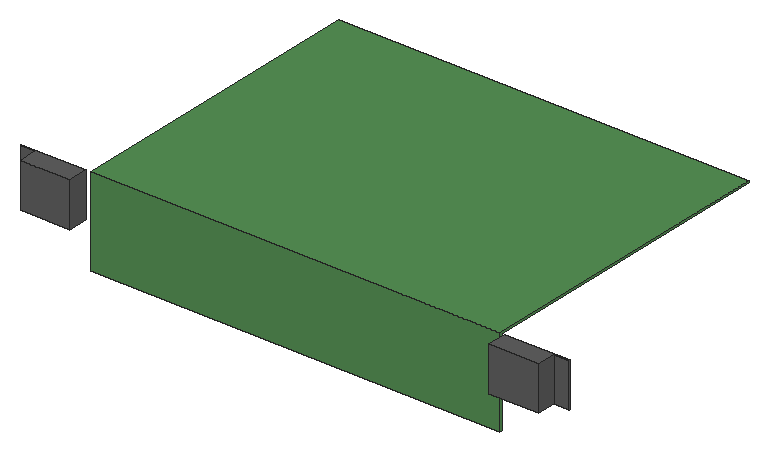
Revit family "HK", category Specialty Equipment, host Floor, Revit 2015
Parameters (values of type "7x6")
  URL = "http://kelleyentrematic.com/"
  Model = "HK"
  Manufacturer = "Kelley Entrematic"
  Description = "Hydraulic Leveler"
  LipExtension = 0' - 0"
  PitWidth = 7' - 1"
  PitLength = 5' - 3"
  PitDepthR = PitDepth - 0' 0 1/2"  # 1' - 7 1/2"
  PitDepth = 1' - 8"
  LipLength = 1' - 6"
  Curb = 0' - 3"
  Capacity = "30-50K"
Types (24): name | LipExtension | PitWidth | PitLength | PitDepthR | PitDepth
  6x6 | 0' - 0" | 6' - 2" | 5' - 3" | 1' - 7 1/2" | 1' - 8"
  6x8 | 0' - 0" | 6' - 2" | 7' - 3" | 1' - 7 1/2" | 1' - 8"
  6.5x6 | 0' - 0" | 6' - 8" | 5' - 3" | 1' - 7 1/2" | 1' - 8"
  6.5x8 | 0' - 0" | 6' - 8" | 7' - 3" | 1' - 7 1/2" | 1' - 8"
  7x6 | 0' - 0" | 7' - 1" | 5' - 3" | 1' - 7 1/2" | 1' - 8"
  7x8 | 0' - 0" | 7' - 1" | 7' - 3" | 1' - 7 1/2" | 1' - 8"
  6x10 | 0' - 0" | 6' - 2" | 9' - 3" | 1' - 11 1/2" | 2' - 0"
  6.5x10 | 0' - 0" | 6' - 8" | 9' - 3" | 1' - 11 1/2" | 2' - 0"
  7x10 | 0' - 0" | 7' - 1" | 9' - 3" | 1' - 11 1/2" | 2' - 0"
  6x6 Barrier Lip | 0' - 5" | 6' - 2" | 5' - 3" | 1' - 7 1/2" | 1' - 8"
  6x8 Barrier Lip | 0' - 5" | 6' - 2" | 7' - 3" | 1' - 7 1/2" | 1' - 8"
  6x10 Barrier Lip | 0' - 5" | 6' - 2" | 9' - 3" | 1' - 11 1/2" | 2' - 0"
  7x10 Barrier Lip | 0' - 5" | 7' - 1" | 9' - 3" | 1' - 11 1/2" | 2' - 0"
  7x6 Barrier Lip | 0' - 5" | 7' - 1" | 5' - 3" | 1' - 7 1/2" | 1' - 8"
  7x8 Barrier Lip | 0' - 5" | 7' - 1" | 7' - 3" | 1' - 7 1/2" | 1' - 8"
  6.5x10 Barrier Lip | 0' - 5" | 6' - 8" | 9' - 3" | 1' - 11 1/2" | 2' - 0"
  6.5x6 Barrier Lip | 0' - 5" | 6' - 8" | 5' - 3" | 1' - 7 1/2" | 1' - 8"
  6.5x8 Barrier Lip | 0' - 5" | 6' - 8" | 7' - 3" | 1' - 7 1/2" | 1' - 8"
  6.5x12 | 0' - 0" | 6' - 8" | 11' - 3" | 1' - 11 1/2" | 2' - 0"
  6.5x12 Barrier Lip | 0' - 5" | 6' - 8" | 11' - 3" | 1' - 11 1/2" | 2' - 0"
  6x12 | 0' - 0" | 6' - 2" | 11' - 3" | 1' - 11 1/2" | 2' - 0"
  6x12 Barrier Lip | 0' - 5" | 6' - 2" | 11' - 3" | 1' - 11 1/2" | 2' - 0"
  7x12 | 0' - 0" | 7' - 1" | 11' - 3" | 1' - 11 1/2" | 2' - 0"
  7x12 Barrier Lip | 0' - 5" | 7' - 1" | 11' - 3" | 1' - 11 1/2" | 2' - 0"
Reference planes (in)
  plane 1 "Center (Front/Back)": y = 0
  plane 2: z = 0
  plane 3 "Center (Left/Right)": x = 0
  plane 4 "Lip Width": y = -59.5
  plane 5 "pit right": x = 42.5
  plane 6 "Pit left": x = -42.5
  plane 7 "pit rear": y = 3
  plane 8 "curb angle left": x = -45.5
  plane 9: x = -41.5
  plane 10 "curb angle right": x = 45.5
  plane 11: x = 41.5
  plane 12 "curb angle rear": y = 6
  plane 13 "Curb angle - Front": y = -57
  plane 14 "Edge of Dock": y = -60
  plane 15: z = -0.5
  plane 16: z = -19.5
  plane 17: z = -20
  plane 18: y = -9
  plane 19: y = -48
  plane 20 "Lip Length": z = -18
  plane 21: x = 63.5
  plane 22: x = -63.5
  plane 23: z = -3
  plane 24: z = -23
  plane 25: z = 0
  plane 26: z = 0
  plane 27: y = -60.25
  plane 28: y = -64
  plane 29: x = -52.625
  plane 30: x = -55.625
  plane 31: x = 52.625
  plane 32: x = 55.625
  plane 33: z = -9
Forms (in)
  Extrusion 1, void
    sketch origin (0, 0, 0) x (0, 1, 0) y (0, 0, 1)
      loop
        line (3, 0) -> (-60, 0) -> (-60, -20) -> (-48, -20) -> (-9, -19.5) -> (3, -19.5) -> (3, 0)
    from -42.5 to 42.5
  Extrusion 2, solid, material "Kelly Diamond"
    sketch origin (0, 0, 0) x (1, 0, 0) y (0, 1, 0)
      loop
        line (-41.5, 3) -> (-41.5, -60) -> (41.5, -60) -> (41.5, 3) -> (-41.5, 3)
    from -0.5 to 0
  Extrusion 3, solid, material "Kelly Diamond"
    sketch origin (0, 0, 0) x (1, 0, 0) y (0, 0, 1)
      loop
        line (-41.5, 0) -> (-41.5, -18) -> (41.5, -18) -> (41.5, 0) -> (-41.5, 0)
    from 59.5 to 60
  Extrusion 4, solid, material "BUMPER"
    sketch origin (0, 0, 0) x (-1, 0, 0) y (0, -1, 0)
      loop
        line (42.5, 60) -> (55.625, 60) -> (55.625, 60.25) -> (52.625, 60.25) -> (52.625, 64) -> (42.5, 64) -> (42.5, 60)
      loop
        line (-42.5, 60) -> (-42.5, 64) -> (-52.625, 64) -> (-52.625, 60.25) -> (-55.625, 60.25) -> (-55.625, 60) -> (-42.5, 60)
    from -9 to 0
Cuts and joins
  joined: Extrusion 2, Extrusion 3
Lines and regions (in)
  model lines
    curve 1: line (-45.5, 6, 0) -> (45.5, 6, 0)
    curve 2: line (45.5, 6, 0) -> (45.5, 3, 0)
    curve 3: line (45.5, 3, 0) -> (-45.5, 3, 0)
    curve 4: line (-45.5, 3, 0) -> (-45.5, 6, 0)
    curve 5: line (-45.5, 3, 0) -> (-45.5, -57, 0)
    curve 6: line (-42.5, -57, 0) -> (-42.5, 3, 0)
    curve 7: line (-42.5, -57, 0) -> (-63.5, -57, 0)
    curve 8: line (-63.5, -57, 0) -> (-63.5, -60, 0)
    curve 9: line (-63.5, -60, 0) -> (-42.5, -60, 0)
    curve 10: line (45.5, 3, 0) -> (45.5, -57, 0)
    curve 11: line (42.5, -57, 0) -> (42.5, 3, 0)
    curve 12: line (42.5, -60, 0) -> (63.5, -60, 0)
    curve 13: line (63.5, -60, 0) -> (63.5, -57, 0)
    curve 14: line (63.5, -57, 0) -> (42.5, -57, 0)
    curve 15: line (-63.5, -60, 0) -> (-63.5, -60, -3)
    curve 16: line (-63.5, -60, -3) -> (-42.5, -60, -3)
    curve 17: line (-42.5, -60, -3) -> (-42.5, -60, 0)
    curve 18: line (-45.5, -60, -3) -> (-45.5, -60, -23)
    curve 19: line (-45.5, -60, -20) -> (-42.5, -60, -20)
    curve 20: line (-45.5, -60, -23) -> (45.5, -60, -23)
    curve 21: line (45.5, -60, -23) -> (45.5, -60, -3)
    curve 22: line (42.5, -60, -20) -> (45.5, -60, -20)
    curve 23: line (42.5, -60, -20) -> (42.5, -60, 0)
    curve 24: line (42.5, -60, -3) -> (63.5, -60, -3)
    curve 25: line (63.5, -60, -3) -> (63.5, -60, 0)
    curve 26: line (-42.5, -60, -3) -> (-42.5, -60, -20)
    curve 27: line (-42.5, -60, -20) -> (42.5, -60, -20)
    curve 28: line (-42.5, -57, 0) -> (-42.5, -60, 0)
    curve 29: line (42.5, -57, 0) -> (42.5, -60, 0)
Dimensions and locks (in)
  equal spacing: host sketch curve, plane 1 "Center (Front/Back)", host sketch curve
  equal spacing: host sketch curve, plane 3 "Center (Left/Right)", host sketch curve
  host sketch curve to host sketch curve = 10' - 0"  (x2)
  equal spacing: plane 6 "Pit left", plane 3 "Center (Left/Right)", plane 5 "pit right"
  "PitWidth": plane 6 "Pit left" to plane 5 "pit right"
  "PitLength": plane 14 "Edge of Dock" to plane 7 "pit rear"
  "Curb": plane 8 "curb angle left" to plane 6 "Pit left"
  locked: plane 6 "Pit left" to plane 9 at 1
  locked: plane 11 to plane 5 "pit right" at 1
  "Curb": plane 5 "pit right" to plane 10 "curb angle right"
  "Curb": plane 7 "pit rear" to plane 12 "curb angle rear"
  "Curb": plane 14 "Edge of Dock" to plane 13 "Curb angle - Front"
  "PitDepthR": level to plane 16
  "PitDepth": level to plane 17
  locked: plane 7 "pit rear" to plane 18 at 12
  locked: plane 19 to plane 14 "Edge of Dock" at 12
  "LipLength": level to plane 20 "Lip Length"
  locked: plane 22 to plane 6 "Pit left" at 21
  locked: plane 5 "pit right" to plane 21 at 21
  "LipExtension": plane 26 to level
  locked: plane 24 to plane 17 at 3
  locked: level to plane 15 at 0.5
  locked: plane 14 "Edge of Dock" to plane 4 "Lip Width" at 0.5
  locked: plane 3 "Center (Left/Right)" to connector elem at 14
  locked: connector elem to level at 16
  locked: plane 29 to plane 6 "Pit left" at 10.125
  locked: plane 30 to plane 6 "Pit left" at 13.125
  locked: plane 28 to curve 9 at 4
  locked: curve 9 to plane 27 at 0.25
  locked: plane 5 "pit right" to plane 31 at 10.125
  locked: plane 5 "pit right" to plane 32 at 13.125
  locked: curve 9 to plane 33 at 9
  aligned and locked: level to plane 2
  aligned and locked: plane 14 "Edge of Dock" to host floor
  aligned and locked: plane 19 to Extrusion 1 sketch curve
  aligned and locked: plane 16 to Extrusion 1 sketch curve
  aligned and locked: Extrusion 1 sketch curve to plane 18
  aligned and locked: plane 17 to Extrusion 1 sketch curve
  aligned and locked: Extrusion 1 sketch curve to plane 14 "Edge of Dock"
  aligned and locked: Extrusion 1 to plane 6 "Pit left"
  aligned and locked: Extrusion 1 to plane 5 "pit right"
  aligned and locked: plane 7 "pit rear" to Extrusion 2 sketch curve
  aligned and locked: Extrusion 2 sketch curve to plane 9
  aligned and locked: Extrusion 2 sketch curve to plane 14 "Edge of Dock"
  aligned and locked: Extrusion 2 to plane 15
  aligned and locked: level to Extrusion 2
  aligned and locked: Extrusion 3 sketch curve to Extrusion 2
  aligned and locked: plane 20 "Lip Length" to Extrusion 3 sketch curve
  aligned and locked: Extrusion 3 sketch curve to plane 11
  aligned and locked: Extrusion 3 to plane 14 "Edge of Dock"
  aligned and locked: Extrusion 3 to plane 4 "Lip Width"
  aligned and locked: Extrusion 2 sketch curve to plane 11
  aligned and locked: curve 7 to plane 13 "Curb angle - Front"
  aligned and locked: curve 8 to plane 22
  aligned and locked: curve 5 to plane 8 "curb angle left"
  aligned and locked: plane 6 "Pit left" to curve 6
  aligned and locked: curve 3 to plane 7 "pit rear"
  aligned and locked: plane 12 "curb angle rear" to curve 1
  aligned and locked: curve 2 to plane 10 "curb angle right"
  aligned and locked: plane 5 "pit right" to curve 11
  aligned and locked: curve 10 to plane 10 "curb angle right"
  aligned and locked: curve 14 to plane 13 "Curb angle - Front"
  aligned and locked: plane 14 "Edge of Dock" to curve 12
  aligned and locked: curve 13 to plane 21
  aligned and locked: plane 24 to curve 18
  aligned and locked: curve 16 to plane 23
  aligned and locked: curve 15 to plane 22
  aligned and locked: plane 6 "Pit left" to curve 17
  aligned and locked: curve 22 to plane 5 "pit right"
  aligned and locked: curve 21 to plane 10 "curb angle right"
  aligned and locked: curve 22 to plane 17
  aligned and locked: curve 25 to plane 21
  aligned and locked: curve 19 to curve 27
  aligned and locked: curve 9 to plane 14 "Edge of Dock"
  aligned and locked: plane 26 to Extrusion 3 sketch curve
  aligned and locked: plane 23 to curve 24
  aligned and locked: plane 24 to curve 20
  aligned and locked: cut or joined group of Extrusion 2, Extrusion 3 to plane 7 "pit rear"  (x2)
  aligned and locked: Extrusion 4 sketch curve to plane 30
  aligned and locked: Extrusion 4 sketch curve to plane 29
  aligned and locked: Extrusion 4 sketch curve to plane 6 "Pit left"
  aligned and locked: plane 28 to Extrusion 4 sketch curve
  aligned and locked: Extrusion 4 sketch curve to plane 27  (x2)
  aligned and locked: Extrusion 4 sketch curve to curve 9
  aligned and locked: Extrusion 4 sketch curve to plane 32
  aligned and locked: plane 31 to Extrusion 4 sketch curve
  aligned and locked: Extrusion 4 sketch curve to plane 5 "pit right"
  aligned and locked: Extrusion 4 sketch curve to plane 28
  aligned and locked: Extrusion 4 sketch curve to curve 12
  aligned and locked: plane 33 to Extrusion 4
  aligned and locked: level to Extrusion 4
Automatic sketch dimensions
  Extrusion 1 sketch curve to level = 0' - 0"
  Extrusion 1 sketch curve to plane 7 "pit rear" = 0' - 0"
  plane 8 "curb angle left" to curve 20 = 0' - 0"
  curve 25 to level = 0' - 0"
  plane 21 to curve 25 = 0' - 0"
  curve 27 to plane 17 = 0' - 0"
  curve 16 to plane 23 = 0' - 0"
  curve 23 to level = 0' - 0"
  curve 17 to level = 0' - 0"
  curve 15 to level = 0' - 0"
Connectors (in)
  electrical at (14, 3, -16)
    settings: on plane 7 "pit rear", index 1, voltage 120 V, apparent load 0 VA, apparent load phase1 0 VA, apparent load phase2 0 VA, apparent load phase3 0 VA, power factor 1, load classification "Other", number of poles 1, system type 31, power factor state 1, is connector primary yes, connector utility no, sub classification motor no, connector description ""
